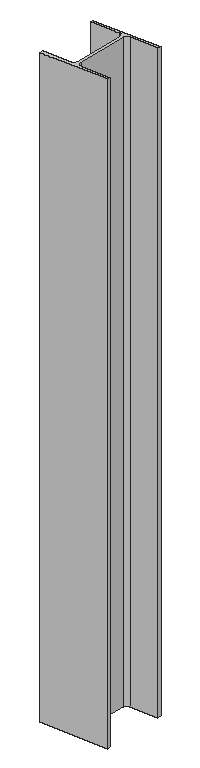
Revit family "a327293b01874c41882ab0e2437092d0", category Structural Columns, Revit 2021
Family settings
  Section Shape = I-shape Wide Flange
  Material for Model Behavior = Steel
  Always export as geometry = No
  Beam cutback in plan = From bounding box
  Family Name Key = HP Shapes-Column
  Code Name = AISC 14.1
  OmniClass Number = 23.25.30.11.14.11
  OmniClass Title = Columns
  Seek Item ID = HP-Bearing Pile-Column-0000-USA-ENU
  Cut with Voids When Loaded = No
  Symbolic Representation = From Project Settings
  Shared = No
  Show family pre-cut in plan views = Yes
Parameters (values of type "HP12X63")
  Width = 1' - 0.1"
  Web Thickness = 0' - 0.515"
  Web Fillet = 0' - 0.735"
  Warping Constant = 5000.00 in⁶
  Torsional Moment of Inertia = 1.830 in⁴
  Structural Material [instance] = Steel ASTM A572
  Section Name Key = ""
  Section Area = 18.40 in²
  Principal Axes Angle = 0.00°
  Plastic Modulus weak axis = 38.70 in³
  Plastic Modulus strong axis = 88.30 in³
  Nominal Weight = 63.00 lbf/ft
  Moment of Inertia weak axis = 153.000 in⁴
  Moment of Inertia strong axis = 472.000 in⁴
  Height = 0' - 11.9"
  Flange Thickness = 0' - 0.515"
  Elastic Modulus weak axis = 25.30 in³
  Elastic Modulus strong axis = 79.10 in³
  Centroid Vertical = Height / 2  # 5.950"
  Centroid Horizontal = Width / 2  # 6.050"
  Bolt Spacing = 0' - 5 1/2"
  Assembly Code = "B10"
Types (2): name | Width | Web Thickness | Web Fillet | Warping Constant | Torsional Moment of Inertia | Section Area | Plastic Modulus weak axis | Plastic Modulus strong axis | Nominal Weight | Moment of Inertia weak axis | Moment of Inertia strong axis | Height | Flange Thickness | Elastic Modulus weak axis | Elastic Modulus strong axis | Centroid Vertical | Centroid Horizontal | Bolt Spacing
  HP12X63 | 1' - 0.1" | 0' - 0.515" | 0' - 0.735" | 5000.00 in⁶ | 1.830 in⁴ | 18.40 in² | 38.70 in³ | 88.30 in³ | 63.00 lbf/ft | 153.000 in⁴ | 472.000 in⁴ | 0' - 11.9" | 0' - 0.515" | 25.30 in³ | 79.10 in³ | 5.950" | 6.050" | 0' - 5 1/2"
  HP18X135 | 1' - 5.8" | 0' - 0 3/4" | 0' - 1.18" | 49500.00 in⁶ | 9.120 in⁴ | 39.90 in² | 122.00 in³ | 281.00 in³ | 135.00 lbf/ft | 706.000 in⁴ | 2200.000 in⁴ | 1' - 5 1/2" | 0' - 0 3/4" | 79.30 in³ | 251.00 in³ | 8.750" | 8.900" | 0' - 7 1/2"
Reference planes (in)
  plane 1: y = 0
  plane 2: z = 0
  plane 3: x = 0
  plane 4: x = -6.05
  plane 5: x = 6.05
  plane 6: y = 5.95
  plane 7: y = -5.95
  plane 8: y = 5.435
  plane 9: y = -5.435
  plane 10: x = -0.2575
  plane 11: x = 0.2575
Forms (in)
  Extrusion 1, solid, material "Steel ASTM A572" <- "Structural Material", detail levels medium
    sketch origin (0, 0, 0) x (1, 0, 0) y (0, 1, 0)
      loop
        line (-6.05, 5.95) -> (-6.05, 5.435) -> (-0.2575, 5.435) -> (-0.2575, -5.435) -> (-6.05, -5.435) -> (-6.05, -5.95) -> (6.05, -5.95) -> (6.05, -5.435) -> (0.2575, -5.435) -> (0.2575, 5.435) -> (6.05, 5.435) -> (6.05, 5.95) -> (-6.05, 5.95)
    from 0 to 108
  Extrusion 2, solid, material "Steel ASTM A572" <- "Structural Material", detail levels fine
    sketch origin (0, 0, 0) x (1, 0, 0) y (0, 1, 0)
      loop
        line (-6.05, 5.95) -> (-6.05, 5.435) -> (-0.9925, 5.435)
        arc (-0.9925, 5.435) -> (-0.47278, 5.21972) -> (-0.2575, 4.7) r 0.735
        line (-0.2575, 4.7) -> (-0.2575, -4.7)
        arc (-0.2575, -4.7) -> (-0.47278, -5.21972) -> (-0.9925, -5.435) r 0.735
        line (-0.9925, -5.435) -> (-6.05, -5.435) -> (-6.05, -5.95) -> (6.05, -5.95) -> (6.05, -5.435) -> (0.9925, -5.435)
        arc (0.9925, -5.435) -> (0.47278, -5.21972) -> (0.2575, -4.7) r 0.735
        line (0.2575, -4.7) -> (0.2575, 4.7)
        arc (0.2575, 4.7) -> (0.47278, 5.21972) -> (0.9925, 5.435) r 0.735
        line (0.9925, 5.435) -> (6.05, 5.435) -> (6.05, 5.95) -> (-6.05, 5.95)
    from 0 to 108
Lines and regions (in)
  symbolic lines, style "StructuralColumnStickSymbols", detail levels coarse
    curve 1: line (-6.05, 5.95, 0) -> (6.05, 5.95, 0)
    curve 2: line (-6.05, -5.95, 0) -> (6.05, -5.95, 0)
    curve 3: line (0, 5.95, 0) -> (0, -5.95, 0)
  symbolic lines, style "Hidden Faces", detail levels medium+fine
    curve 4: line (-0.2575, 0, 0) -> (-0.2575, 0, 108)
    curve 5: line (0.2575, 0, 108) -> (0.2575, 0, 0)
Dimensions and locks (in)
  equal spacing: plane 4, plane 3, plane 5
  equal spacing: plane 7, plane 1, plane 6
  "Height": plane 7 to plane 6
  "Width": plane 4 to plane 5
  "Flange Thickness": plane 8 to plane 6
  "Flange Thickness": plane 7 to plane 9
  equal spacing: plane 10, plane 3, plane 11
  "Web Thickness": plane 10 to plane 11
  "Web Fillet": radius of Extrusion 2 sketch curve  (x4)
  aligned and locked: plane 6 to Extrusion 1 sketch curve
  aligned and locked: Extrusion 1 sketch curve to plane 7
  aligned and locked: Extrusion 1 sketch curve to plane 4  (x2)
  aligned and locked: plane 5 to Extrusion 1 sketch curve  (x2)
  aligned and locked: Extrusion 1 sketch curve to Extrusion 1 sketch curve  (x2)
  aligned and locked: level to Extrusion 1
  aligned and locked: level to plane 2
  aligned and locked: Extrusion 1 to plane 2
  aligned and locked: plane 6 to Extrusion 2 sketch curve
  aligned and locked: plane 5 to Extrusion 2 sketch curve  (x2)
  aligned and locked: Extrusion 2 sketch curve to plane 4  (x2)
  aligned and locked: Extrusion 2 sketch curve to plane 7
  aligned and locked: level to Extrusion 2
  aligned and locked: Extrusion 2 to level
  aligned and locked: plane 8 to Extrusion 2 sketch curve  (x2)
  aligned and locked: plane 11 to Extrusion 2 sketch curve
  aligned and locked: Extrusion 2 sketch curve to plane 10
  aligned and locked: Extrusion 2 sketch curve to plane 9  (x2)
  aligned and locked: plane 8 to Extrusion 1 sketch curve
  aligned and locked: plane 11 to Extrusion 1 sketch curve
  aligned and locked: Extrusion 1 sketch curve to plane 10
  aligned and locked: Extrusion 1 sketch curve to plane 9
  aligned and locked: plane 6 to curve 1
  aligned and locked: curve 3 to plane 3
  aligned and locked: plane 7 to Extrusion 2
  aligned and locked: plane 5 to curve 1
  aligned and locked: plane 5 to curve 2
  aligned and locked: plane 4 to curve 2
  aligned and locked: plane 4 to curve 1
  aligned and locked: plane 6 to curve 3
  aligned and locked: plane 11 to curve 5
  aligned and locked: level to curve 5  (x2)
  aligned and locked: curve 4 to plane 10
  aligned and locked: level to curve 4  (x2)
Automatic sketch dimensions
  plane 7 to curve 3 = 0' - 0"
